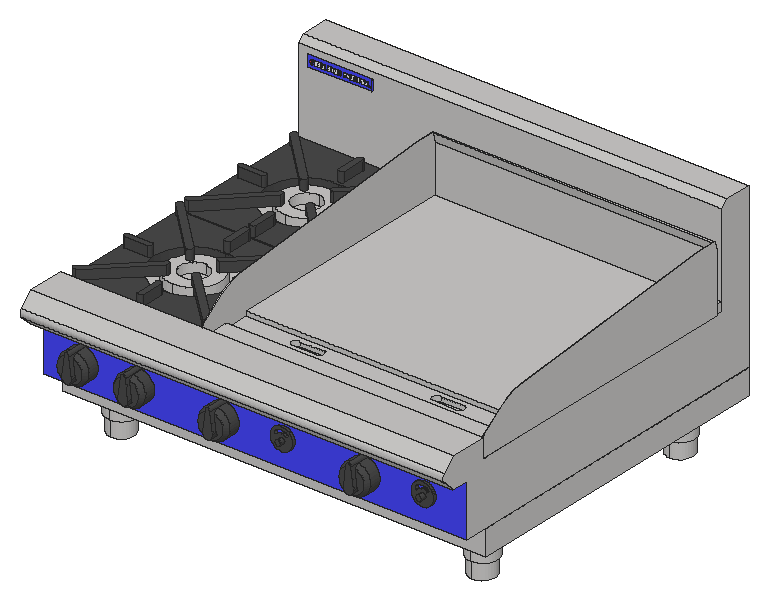
Revit family "QF_MOFFAT_BLUESEAL_CE_G516B-B", category Specialty Equipment, Revit 2012 (continued)
Definition of nested family "GAS BURNER300 & GRIDDLE 600"
  Lines and regions (mm)
    symbolic lines
      curve 63: spline (58.102, -476.4, 0) -> (59.396, -476.182, 0) -> (60.602, -475.543, 0) -> (61.638, -474.525, 0) -> (62.432, -473.2, 0) -> (62.932, -471.656, 0) -> (63.102, -470, 0) -> (62.932, -468.344, 0) -> (62.432, -466.8, 0) -> (61.638, -465.475, 0) -> (60.602, -464.457, 0) -> (59.396, -463.818, 0) -> (58.102, -463.6, 0)
      curve 64: line (114.025, -496.924, 0) -> (6.102, -603.347, 0)
      curve 65: spline (6.102, -603.347, 0) -> (5.341, -604.416, 0) -> (4.941, -605.721, 0) -> (4.928, -607.172, 0) -> (5.303, -608.671, 0) -> (6.041, -610.116, 0) -> (7.092, -611.408, 0) -> (8.384, -612.459, 0) -> (9.829, -613.197, 0) -> (11.328, -613.572, 0) -> (12.779, -613.559, 0) -> (14.084, -613.159, 0) -> (15.153, -612.398, 0)
      curve 66: line (15.153, -612.398, 0) -> (123.076, -505.975, 0)
      curve 67: spline (123.076, -505.975, 0) -> (123.837, -504.905, 0) -> (124.238, -503.601, 0) -> (124.251, -502.149, 0) -> (123.875, -500.65, 0) -> (123.137, -499.205, 0) -> (122.086, -497.914, 0) -> (120.795, -496.863, 0) -> (119.35, -496.125, 0) -> (117.851, -495.749, 0) -> (116.399, -495.762, 0) -> (115.095, -496.163, 0) -> (114.025, -496.924, 0)
      curve 68: line (156.4, -609.602, 0) -> (156.4, -561.898, 0)
      curve 69: spline (156.4, -561.898, 0) -> (156.182, -560.604, 0) -> (155.543, -559.398, 0) -> (154.525, -558.362, 0) -> (153.2, -557.568, 0) -> (151.656, -557.068, 0) -> (150, -556.898, 0) -> (148.344, -557.068, 0) -> (146.8, -557.568, 0) -> (145.475, -558.362, 0) -> (144.457, -559.398, 0) -> (143.818, -560.604, 0) -> (143.6, -561.898, 0)
      curve 70: line (143.6, -561.898, 0) -> (143.6, -609.602, 0)
      curve 71: spline (143.6, -609.602, 0) -> (143.818, -610.896, 0) -> (144.457, -612.102, 0) -> (145.475, -613.138, 0) -> (146.8, -613.932, 0) -> (148.344, -614.432, 0) -> (150, -614.602, 0) -> (151.656, -614.432, 0) -> (153.2, -613.932, 0) -> (154.525, -613.138, 0) -> (155.543, -612.102, 0) -> (156.182, -610.896, 0) -> (156.4, -609.602, 0)
      curve 72: line (176.924, -505.975, 0) -> (284.847, -612.398, 0)
      curve 73: spline (284.847, -612.398, 0) -> (285.916, -613.159, 0) -> (287.221, -613.559, 0) -> (288.672, -613.572, 0) -> (290.171, -613.197, 0) -> (291.616, -612.459, 0) -> (292.908, -611.408, 0) -> (293.959, -610.116, 0) -> (294.697, -608.671, 0) -> (295.072, -607.172, 0) -> (295.059, -605.721, 0) -> (294.659, -604.416, 0) -> (293.898, -603.347, 0)
      curve 74: line (293.898, -603.347, 0) -> (185.975, -496.924, 0)
      curve 75: spline (185.975, -496.924, 0) -> (184.905, -496.163, 0) -> (183.601, -495.762, 0) -> (182.149, -495.749, 0) -> (180.65, -496.125, 0) -> (179.205, -496.863, 0) -> (177.914, -497.914, 0) -> (176.863, -499.205, 0) -> (176.125, -500.65, 0) -> (175.749, -502.149, 0) -> (175.762, -503.601, 0) -> (176.163, -504.905, 0) -> (176.924, -505.975, 0)
      curve 76: arc (149.991, -384.418, 0) -> (179.687, -389.836, 0) -> (205.556, -405.393, 0) r 84.082
      curve 77: arc (149.991, -552.582, 0) -> (121.173, -547.489, 0) -> (95.845, -532.827, 0) r 84.082
      curve 78: arc (150, -523.5, 0) -> (167.666, -520.693, 0) -> (183.592, -512.55, 0) r 57
      curve 79: arc (150, -409.5, 0) -> (130.014, -413.119, 0) -> (112.566, -423.515, 0) r 57
      curve 80: arc (150, -436.5, 0) -> (180, -466.5, 0) -> (150, -496.5, 0) r 30
      curve 81: arc (150, -496.5, 0) -> (120, -466.5, 0) -> (150, -436.5, 0) r 30
      curve 82: line (291.102, -463.6, 0) -> (241.898, -463.6, 0)
      curve 83: spline (241.898, -463.6, 0) -> (240.604, -463.818, 0) -> (239.398, -464.457, 0) -> (238.362, -465.475, 0) -> (237.568, -466.8, 0) -> (237.068, -468.344, 0) -> (236.898, -470, 0) -> (237.068, -471.656, 0) -> (237.568, -473.2, 0) -> (238.362, -474.525, 0) -> (239.398, -475.543, 0) -> (240.604, -476.182, 0) -> (241.898, -476.4, 0)
      curve 84: line (241.898, -476.4, 0) -> (291.102, -476.4, 0)
      curve 85: arc (96.324, -103.773, 0) -> (121.466, -89.404, 0) -> (149.991, -84.418, 0) r 84.082
      curve 86: arc (212.871, -112.68, 0) -> (234.066, -167.408, 0) -> (214.3, -222.668, 0) r 84.082
      curve 87: arc (194.454, -202.178, 0) -> (207, -166.598, 0) -> (194.576, -130.975, 0) r 57
      curve 88: arc (114.628, -211.197, 0) -> (131.275, -220.336, 0) -> (150, -223.5, 0) r 57
      curve 89: arc (105.424, -130.975, 0) -> (93, -166.598, 0) -> (105.546, -202.178, 0) r 57
      curve 90: arc (187.434, -423.515, 0) -> (169.986, -413.119, 0) -> (150, -409.5, 0) r 57
      curve 91: arc (103.911, -432.962, 0) -> (93.053, -468.956, 0) -> (106.969, -503.881, 0) r 57
      curve 92: arc (109.732, -506.842, 0) -> (110.614, -507.704, 0) -> (111.516, -508.547, 0) r 57
      curve 93: arc (193.031, -503.881, 0) -> (206.947, -468.956, 0) -> (196.089, -432.962, 0) r 57
      curve 94: arc (214.491, -414.56, 0) -> (234.068, -469.429, 0) -> (213.283, -523.853, 0) r 84.082
      curve 95: arc (94.436, -405.385, 0) -> (120.301, -389.834, 0) -> (149.991, -384.418, 0) r 84.082
      curve 96: arc (86.707, -523.862, 0) -> (65.914, -469.429, 0) -> (85.499, -414.55, 0) r 84.082
      curve 97: arc (116.408, -512.55, 0) -> (132.334, -520.693, 0) -> (150, -523.5, 0) r 57
      curve 98: arc (204.147, -532.819, 0) -> (178.816, -547.487, 0) -> (149.991, -552.582, 0) r 84.082
      curve 99: arc (185.525, -121.924, 0) -> (168.817, -112.696, 0) -> (150, -109.5, 0) r 57
      curve 100: arc (205.331, -231.803, 0) -> (179.547, -247.216, 0) -> (149.991, -252.582, 0) r 84.082
      curve 101: arc (85.69, -222.678, 0) -> (65.916, -167.408, 0) -> (87.119, -112.67, 0) r 84.082
      curve 102: line (299, -315.5, 0) -> (299, -3, 0)
      curve 103: arc (299, -3, 0) -> (298.121, -0.879, 0) -> (296, 0, 0) r 3
      curve 104: spline (291.102, -172.9, 0) -> (292.396, -172.682, 0) -> (293.602, -172.043, 0) -> (294.638, -171.025, 0) -> (295.432, -169.7, 0) -> (295.932, -168.156, 0) -> (296.102, -166.5, 0) -> (295.932, -164.844, 0) -> (295.432, -163.3, 0) -> (294.638, -161.975, 0) -> (293.602, -160.957, 0) -> (292.396, -160.318, 0) -> (291.102, -160.1, 0)
      curve 105: spline (291.102, -476.4, 0) -> (292.396, -476.182, 0) -> (293.602, -475.543, 0) -> (294.638, -474.525, 0) -> (295.432, -473.2, 0) -> (295.932, -471.656, 0) -> (296.102, -470, 0) -> (295.932, -468.344, 0) -> (295.432, -466.8, 0) -> (294.638, -465.475, 0) -> (293.602, -464.457, 0) -> (292.396, -463.818, 0) -> (291.102, -463.6, 0)
      curve 106: arc (296, -635, 0) -> (298.121, -634.121, 0) -> (299, -632, 0) r 3
      curve 107: line (299, -632, 0) -> (299, -324.5, 0)
      curve 108: arc (299, -324.5, 0) -> (298.121, -322.379, 0) -> (296, -321.5, 0) r 3
      curve 109: arc (296, -318.5, 0) -> (298.121, -317.621, 0) -> (299, -315.5, 0) r 3
  Dimensions and locks
    equal spacing: plane 3 "LEFT", plane 7 "Center Y", plane 4 "RIGHT"
    "Width": plane 3 "LEFT" to plane 4 "RIGHT"
    equal spacing: plane 5 "FRONT", plane 8 "Center X", plane 1 "BACK"
    "Depth": plane 5 "FRONT" to plane 1 "BACK"
    aligned and locked: level to plane 2
  Automatic sketch dimensions
    curve 8 to curve 9 = 0 mm
    curve 8 to curve 42 = 0 mm  (x2)
    curve 8 to curve 87 = 0 mm  (x2)
    curve 8 to curve 88 = 0 mm
    curve 8 to curve 89 = 0 mm
    curve 8 to curve 99 = 0 mm  (x2)
    curve 9 to curve 89 = 0 mm
    curve 10 to curve 11 = 0 mm  (x2)
    curve 10 to curve 85 = 0 mm
    curve 10 to curve 86 = 0 mm  (x2)
    curve 10 to curve 100 = 0 mm
    curve 10 to curve 101 = 0 mm  (x2)
    curve 76 to curve 77 = 0 mm  (x2)
    curve 76 to curve 94 = 0 mm  (x2)
    curve 76 to curve 95 = 0 mm
    curve 76 to curve 96 = 0 mm  (x2)
    curve 76 to curve 98 = 0 mm
    curve 78 to curve 79 = 0 mm
    curve 78 to curve 80 = 0 mm  (x2)
    curve 78 to curve 90 = 0 mm  (x2)
    curve 78 to curve 91 = 0 mm
    curve 78 to curve 92 = 0 mm
    curve 78 to curve 93 = 0 mm  (x2)
    curve 78 to curve 97 = 0 mm
    curve 79 to curve 91 = 0 mm
    curve 79 to curve 92 = 0 mm
    plane 5 "FRONT" to curve 24 = 0 mm
    plane 1 "BACK" to curve 103 = 0 mm
    plane 3 "LEFT" to curve 18 = 1 mm
    plane 3 "LEFT" to curve 22 = 1 mm
    plane 3 "LEFT" to curve 24 = 4 mm
    curve 19 to curve 19 = 3 mm
    plane 3 "LEFT" to curve 17 = 4 mm
    curve 21 to curve 19 = 0 mm
    plane 3 "LEFT" to curve 57 = 6.102 mm
    plane 3 "LEFT" to curve 32 = 6.102 mm
    plane 3 "LEFT" to curve 41 = 6.102 mm
    plane 3 "LEFT" to curve 64 = 6.102 mm
    plane 3 "LEFT" to curve 37 = 8.898 mm
    plane 3 "LEFT" to curve 60 = 8.898 mm
    curve 57 to curve 57 = 4.525 mm
    curve 33 to curve 33 = 4.525 mm
    curve 64 to curve 65 = 4.525 mm
    curve 38 to curve 41 = 4.525 mm
    plane 8 "Center X" to curve 30 = 3.602 mm
    curve 60 to curve 96 = 27.397 mm
    curve 35 to curve 101 = 27.588 mm
    curve 96 to curve 95 = 8.937 mm
    curve 101 to curve 11 = 8.97 mm
    curve 96 to curve 91 = 18.412 mm
    curve 101 to curve 89 = 18.305 mm
    curve 101 to curve 89 = 19.856 mm
    curve 96 to curve 91 = 20.262 mm
    curve 91 to curve 92 = 2.762 mm
    curve 92 to curve 92 = 1.784 mm
    curve 91 to curve 79 = 8.655 mm
    curve 89 to curve 39 = 8.601 mm
    curve 91 to curve 67 = 7.056 mm
    curve 89 to curve 32 = 8.479 mm
    curve 92 to curve 97 = 4.893 mm
    curve 67 to curve 67 = 4.525 mm
    curve 59 to curve 59 = 4.525 mm
    curve 32 to curve 31 = 4.525 mm
    curve 38 to curve 39 = 4.525 mm
    curve 85 to curve 15 = 47.276 mm
    curve 77 to curve 70 = 47.755 mm
    curve 11 to curve 45 = 48.939 mm
    curve 76 to curve 97 = 0.009 mm
    curve 10 to curve 42 = 0.009 mm
    curve 70 to curve 71 = 6.4 mm
    curve 14 to curve 15 = 6.4 mm
    curve 76 to curve 51 = 0.009 mm
    curve 46 to curve 47 = 6.4 mm
    curve 50 to curve 49 = 6.4 mm
    curve 1 to curve 2 = 4.525 mm
    curve 53 to curve 53 = 4.525 mm
    curve 27 to curve 27 = 4.525 mm
    curve 72 to curve 75 = 4.525 mm
    curve 75 to curve 78 = 6.668 mm
    curve 28 to curve 8 = 8.448 mm
    curve 2 to curve 99 = 8.601 mm  (x2)
    curve 27 to curve 87 = 8.479 mm
    curve 2 to curve 87 = 8.601 mm
    curve 90 to curve 93 = 8.655 mm
    curve 99 to curve 10 = 18.144 mm
    curve 78 to curve 98 = 20.555 mm
    curve 8 to curve 100 = 19.959 mm
    curve 90 to curve 76 = 18.122 mm
    curve 100 to curve 86 = 8.969 mm
    curve 76 to curve 94 = 8.936 mm
    curve 93 to curve 82 = 45.809 mm
    curve 87 to curve 7 = 47.444 mm
    plane 1 "BACK" to curve 4 = 22.602 mm
    curve 52 to plane 8 "Center X" = 8.602 mm
    plane 8 "Center X" to curve 28 = 3.602 mm
    curve 28 to curve 52 = 0 mm
    curve 72 to plane 5 "FRONT" = 22.602 mm
    curve 1 to curve 4 = 4.525 mm
    curve 55 to curve 55 = 4.525 mm
    curve 28 to curve 29 = 4.525 mm
    curve 72 to curve 73 = 4.525 mm
    curve 82 to curve 105 = 49.204 mm
    curve 6 to curve 104 = 49.204 mm
    curve 108 to plane 8 "Center X" = 4 mm
    curve 55 to curve 108 = 6.628 mm
    plane 8 "Center X" to curve 109 = 2 mm
    curve 109 to curve 108 = 0 mm
    curve 72 to curve 25 = 11.153 mm
    curve 4 to curve 16 = 11.153 mm
    curve 108 to curve 107 = 3 mm
    plane 1 "BACK" to curve 103 = 3 mm
    curve 24 to curve 65 = 19.602 mm
    curve 70 to plane 5 "FRONT" = 25.398 mm
    curve 69 to curve 98 = 9.316 mm
    curve 77 to curve 96 = 8.965 mm
    curve 98 to curve 94 = 8.967 mm
    curve 97 to curve 92 = 4.003 mm
    curve 78 to curve 72 = 6.575 mm
    curve 97 to curve 66 = 6.575 mm
    curve 92 to curve 91 = 2.96 mm
    curve 93 to curve 75 = 6.958 mm
    curve 78 to curve 81 = 27 mm
    curve 96 to curve 61 = 47.462 mm
    curve 94 to curve 84 = 47.453 mm
    curve 61 to curve 61 = 6.4 mm
    curve 105 to curve 105 = 6.4 mm
    curve 59 to curve 91 = 10.114 mm
    curve 53 to curve 93 = 10.114 mm
    curve 94 to curve 76 = 9.166 mm
    curve 96 to curve 95 = 9.165 mm
    curve 76 to curve 51 = 6.316 mm
    curve 57 to plane 8 "Center X" = 17.653 mm
    curve 49 to plane 8 "Center X" = 11.398 mm
    curve 19 to plane 8 "Center X" = 1 mm
    plane 8 "Center X" to curve 46 = 6.398 mm
    curve 45 to curve 11 = 9.316 mm
    curve 88 to curve 31 = 8.722 mm
    curve 8 to curve 28 = 8.722 mm
    curve 89 to curve 31 = 8.754 mm
    curve 8 to curve 42 = 27 mm
    curve 101 to curve 34 = 49.778 mm
    curve 86 to curve 7 = 49.768 mm
    curve 6 to curve 6 = 6.4 mm
    curve 34 to curve 35 = 6.4 mm
    curve 38 to curve 89 = 8.601 mm
    curve 40 to curve 9 = 8.601 mm
    curve 86 to curve 10 = 8.899 mm
    curve 101 to curve 85 = 8.898 mm
    curve 10 to curve 15 = 9.816 mm
    plane 1 "BACK" to curve 13 = 25.398 mm
    plane 1 "BACK" to Extrusion 1 sketch curve = 0 mm
    plane 5 "FRONT" to Extrusion 1 sketch curve = 0 mm
    plane 3 "LEFT" to Extrusion 1 sketch curve = 1 mm  (x2)
    plane 1 "BACK" to Extrusion 1 sketch curve = 3 mm  (x2)
    plane 8 "Center X" to Extrusion 1 sketch curve = 149 mm
    plane 8 "Center X" to Extrusion 1 sketch curve = 2 mm  (x2)
    Extrusion 1 sketch curve to plane 8 "Center X" = 1 mm
    Extrusion 1 sketch curve to Extrusion 1 sketch curve = 3 mm  (x3)
    Extrusion 1 sketch curve to plane 8 "Center X" = 151 mm
    Extrusion 1 sketch curve to plane 5 "FRONT" = 3 mm  (x2)
    plane 3 "LEFT" to Extrusion 1 sketch curve = 149.991 mm  (x2)
    Extrusion 1 sketch curve to plane 7 "Center Y" = 154 mm
    Extrusion 1 sketch curve to Extrusion 1 sketch curve = 0 mm
    Extrusion 2 sketch curve to Extrusion 1 = 22.602 mm  (x2)
    Extrusion 2 sketch curve to Extrusion 1 = 25.398 mm  (x2)
    Extrusion 2 sketch curve to Extrusion 2 sketch curve = 4.525 mm  (x16)
    Extrusion 2 sketch curve to Extrusion 2 sketch curve = 49.204 mm  (x5)
    Extrusion 2 sketch curve to Extrusion 2 sketch curve = 55.923 mm  (x5)
    Extrusion 2 sketch curve to Extrusion 2 sketch curve = 0 mm  (x5)
    Extrusion 2 sketch curve to Extrusion 2 sketch curve = 20.524 mm  (x8)
    Extrusion 2 sketch curve to Extrusion 2 sketch curve = 6.4 mm  (x8)
    Extrusion 2 sketch curve to Extrusion 2 sketch curve = 53.847 mm  (x8)
    Extrusion 2 sketch curve to Extrusion 1 = 56.602 mm
    Extrusion 2 sketch curve to Extrusion 1 = 5.102 mm  (x6)
    Extrusion 2 sketch curve to Extrusion 1 = 13.653 mm  (x2)
    Extrusion 2 sketch curve to Extrusion 1 = 7.398 mm  (x2)
    Extrusion 2 sketch curve to Extrusion 1 = 4.602 mm  (x2)
    Extrusion 2 sketch curve to Extrusion 1 = 7.898 mm  (x4)
    Extrusion 2 sketch curve to Extrusion 1 = 31.653 mm  (x2)
    Extrusion 2 sketch curve to Extrusion 1 = 57.102 mm
    Extrusion 2 sketch curve to Extrusion 1 = 14.153 mm
    Extrusion 3 sketch curve to Extrusion 3 sketch curve = 0 mm  (x24)
    plane 1 "BACK" to Extrusion 3 sketch curve = 109.5 mm
    Extrusion 3 sketch curve to Extrusion 3 sketch curve = 27 mm  (x2)
    Extrusion 3 sketch curve to Extrusion 3 sketch curve = 30 mm  (x2)
    Extrusion 3 sketch curve to plane 8 "Center X" = 92 mm
    plane 3 "LEFT" to Extrusion 3 sketch curve = 150 mm  (x2)
    radius of Extrusion 1 sketch curve = 84.082 mm  (x2)
  Nested families
    nested 1: "GAS GRIDDLE PLATE 600" at (300, -15, 0), type "GAS GRIDDLE PLATE 600"
      with Width 600 mm, Type Mark "", Status "", Specification by User "", Revision Code "", Item Number "", Installed By "", Identify Quantity as Lot yes, Furnished By "", Foodservice Equipment Identifier yes, Depth 620 mm
  Definition of nested family "GAS GRIDDLE PLATE 600"
    Parameters (values of type "GAS GRIDDLE PLATE 600")
      Width [instance] = 600 mm
      Weight in Pounds = 0
      URL Cutsheet = ""
      Type Mark [instance] = ""
      Status [instance] = ""
      Specification by User [instance] = ""
      Specification by Manufacturer = ""
      Serial Number = ""
      Seismic Rating = ""
      SMACNA No = ""
      Revision Code [instance] = ""
      Omniclass Number and Title = ""
      NAFEM Spec ID Number = ""
      Masterspec = ""
      Item Number [instance] = ""
      Installed By [instance] = ""
      Identify Quantity as Lot [instance] = yes
      Furnished By [instance] = ""
      Foodservice Equipment Identifier [instance] = yes
      Depth [instance] = 620 mm
      CSI MasterFormat = ""
      CSI Master Format = ""
    Reference planes
      plane 1 "BACK": y = 0
      plane 2: z = 0
      plane 3 "LEFT": x = 0
      plane 4 "RIGHT": x = 600
      plane 5 "FRONT": y = -620
      plane 6 "TOP": z = 142.5
      plane 7 "Center Y": x = 300
      plane 8 "Center X": y = -310
      plane 9: y = -530.997
      plane 10: y = -541.497
      plane 11: y = -503.25
      plane 12: y = -557.737
    Forms (mm)
      Extrusion 1, solid, material "QF_Finishes_Stainless Steel"
        sketch origin (0, 70.003, -874.5) x (0, 1, 0) y (0, 0, 1)
          loop
            line (-70, 875) -> (-70, 997.489) -> (-75.228, 1017) -> (-117.24, 1017) -> (-589.533, 971.523)
            arc (-589.533, 971.523) -> (-614.56, 965.803) -> (-637.306, 953.899) r 100
            line (-637.306, 953.899) -> (-690.003, 917) -> (-690.003, 875) -> (-70, 875)
        from 0 to 1.8
      Extrusion 2, solid, material "QF_Finishes_Stainless Steel"
        sketch origin (600, 70.003, -874.5) x (0, -1, 0) y (0, 0, 1)
          loop
            line (70, 875) -> (690.003, 875) -> (690.003, 917) -> (637.306, 953.899)
            arc (637.306, 953.899) -> (614.56, 965.803) -> (589.533, 971.523) r 100
            line (589.533, 971.523) -> (117.24, 1017) -> (75.228, 1017) -> (70, 997.489) -> (70, 875)
        from 0 to 1.2
      Extrusion 3, solid, material "QF_Finishes_Stainless Steel"
        sketch origin (150, 70.003, -874.5) x (0, 1, 0) y (0, 0, 1)
          loop
            line (-55, 895) -> (-573.253, 895) -> (-573.253, 884.5) -> (-627.74, 884.5) -> (-627.74, 895) -> (-690.003, 895) -> (-690.003, 875) -> (-55, 875) -> (-55, 895)
        from -148.2 to 448.8
      Extrusion 4, void
        sketch origin (150, -541.497, 10) x (0, -1, 0) y (1, 0, 0)
          loop
            arc (-7.497, 25.113) -> (-17.497, 35.113) -> (-27.497, 25.113) r 10
            line (-27.497, 25.113) -> (-27.497, -24.887)
            arc (-27.497, -24.887) -> (-17.497, -34.887) -> (-7.497, -24.887) r 10
            line (-7.497, -24.887) -> (-7.497, 25.113)
          loop
            line (-7.497, 274.887) -> (-7.497, 324.887)
            arc (-7.497, 324.887) -> (-17.497, 334.887) -> (-27.497, 324.887) r 10
            line (-27.497, 324.887) -> (-27.497, 274.887)
            arc (-27.497, 274.887) -> (-17.497, 264.887) -> (-7.497, 274.887) r 10
        from -41.4 to 40.142
      Extrusion 5, solid, material "QF_Finishes_Stainless Steel"
        sketch origin (0, 70.003, -874.5) x (0, 1, 0) y (0, 0, 1)
          loop
            line (-70, 875) -> (-70, 997.489) -> (-75.228, 1017) -> (-76.884, 1017) -> (-71.6, 997.278) -> (-71.6, 875) -> (-70, 875)
        from 0 to 598.8
    Cuts and joins
      Extrusion 4 cuts Extrusion 3
      joined: Extrusion 1, Extrusion 2, Extrusion 3, Extrusion 5
    Lines and regions (mm)
      symbolic lines
        curve 1: line (600, -503.25, 0) -> (0, -503.25, 0)
        curve 2: line (0, -557.737, 0) -> (600, -557.737, 0)
        curve 3: line (0, -1.68, 0) -> (600, -1.68, 0)
        curve 4: line (600, -1.68, 0) -> (600, -620, 0)
        curve 5: line (0, -620, 0) -> (0, -1.68, 0)
        curve 6: line (0, -620, 0) -> (600, -620, 0)
        curve 7: arc (175.113, -534, 0) -> (185.113, -524, 0) -> (175.113, -514, 0) r 10
        curve 8: line (175.113, -514, 0) -> (125.113, -514, 0)
        curve 9: arc (125.113, -514, 0) -> (115.113, -524, 0) -> (125.113, -534, 0) r 10
        curve 10: line (125.113, -534, 0) -> (175.113, -534, 0)
        curve 11: arc (424.887, -534, 0) -> (414.887, -524, 0) -> (424.887, -514, 0) r 10
        curve 12: line (424.887, -514, 0) -> (474.887, -514, 0)
        curve 13: arc (474.887, -514, 0) -> (484.887, -524, 0) -> (474.887, -534, 0) r 10
        curve 14: line (474.887, -534, 0) -> (424.887, -534, 0)
    Dimensions and locks
      equal spacing: plane 3 "LEFT", plane 7 "Center Y", plane 4 "RIGHT"
      "Width": plane 3 "LEFT" to plane 4 "RIGHT"
      equal spacing: plane 5 "FRONT", plane 8 "Center X", plane 1 "BACK"
      "Depth": plane 5 "FRONT" to plane 1 "BACK"
      locked: Extrusion 2 to Extrusion 2 at 1.2
      aligned and locked: level to plane 2
      aligned and locked: Extrusion 2 to plane 4 "RIGHT"
      aligned and locked: curve 1 to plane 11
      aligned and locked: plane 12 to curve 2
      aligned and locked: Extrusion 5 to cut or joined group of Extrusion 1, Extrusion 2, Extrusion 3, Extrusion 4, Extrusion 5
    Automatic sketch dimensions
      Extrusion 1 sketch curve to plane 5 "FRONT" = 0 mm
      Extrusion 1 sketch curve to plane 6 "TOP" = 0 mm
      plane 12 to Extrusion 1 sketch curve = 9.566 mm
      plane 11 to Extrusion 1 sketch curve = 16.28 mm
      Extrusion 1 sketch curve to level = 2.516 mm
      plane 11 to Extrusion 1 sketch curve = 6.695 mm
      plane 1 "BACK" to Extrusion 1 sketch curve = 47.237 mm
      plane 1 "BACK" to Extrusion 1 sketch curve = 5.225 mm
      Extrusion 1 sketch curve to plane 1 "BACK" = 0.003 mm
      level to Extrusion 1 sketch curve = 0.5 mm
      Extrusion 1 sketch curve to Extrusion 1 sketch curve = 42 mm
      Extrusion 1 sketch curve to plane 6 "TOP" = 63.101 mm
      Extrusion 1 sketch curve to plane 6 "TOP" = 19.511 mm
      Extrusion 2 sketch curve to plane 6 "TOP" = 0 mm
      Extrusion 2 sketch curve to plane 5 "FRONT" = 0 mm
      plane 12 to Extrusion 2 sketch curve = 9.566 mm
      plane 11 to Extrusion 2 sketch curve = 16.28 mm
      Extrusion 2 sketch curve to level = 2.516 mm
      plane 11 to Extrusion 2 sketch curve = 6.695 mm
      plane 1 "BACK" to Extrusion 2 sketch curve = 47.237 mm
      plane 1 "BACK" to Extrusion 2 sketch curve = 5.225 mm
      Extrusion 2 sketch curve to plane 1 "BACK" = 0.003 mm
      level to Extrusion 2 sketch curve = 0.5 mm
      Extrusion 2 sketch curve to Extrusion 2 sketch curve = 42 mm
      Extrusion 2 sketch curve to plane 6 "TOP" = 63.101 mm
      Extrusion 2 sketch curve to plane 6 "TOP" = 19.511 mm
      Extrusion 3 sketch curve to plane 5 "FRONT" = 0 mm
      Extrusion 3 sketch curve to plane 12 = 0 mm
      Extrusion 3 sketch curve to plane 11 = 0 mm
      Extrusion 3 sketch curve to plane 1 "BACK" = 15.003 mm
      level to Extrusion 3 sketch curve = 0.5 mm
      level to Extrusion 3 sketch curve = 10 mm
      Extrusion 3 sketch curve to Extrusion 3 sketch curve = 10.5 mm  (x2)
      plane 1 "BACK" to Extrusion 5 sketch curve = 5.225 mm
      Extrusion 5 sketch curve to plane 1 "BACK" = 0.003 mm
      Extrusion 5 sketch curve to plane 6 "TOP" = 19.511 mm
      Extrusion 5 sketch curve to Extrusion 5 sketch curve = 1.6 mm
      Extrusion 5 sketch curve to Extrusion 5 sketch curve = 0.211 mm
      Extrusion 5 sketch curve to plane 6 "TOP" = 0 mm
      Extrusion 5 sketch curve to Extrusion 5 sketch curve = 1.656 mm
      level to Extrusion 5 sketch curve = 0.5 mm
      plane 11 to Extrusion 4 sketch curve = 10.75 mm  (x2)
      Extrusion 4 sketch curve to Extrusion 4 sketch curve = 10 mm  (x2)
      plane 3 "LEFT" to Extrusion 4 sketch curve = 125.113 mm
      Extrusion 4 sketch curve to Extrusion 4 sketch curve = 50 mm  (x2)
      plane 7 "Center Y" to Extrusion 4 sketch curve = 124.887 mm
      curve 6 to plane 3 "LEFT" = 0 mm
      curve 3 to plane 4 "RIGHT" = 0 mm
      plane 5 "FRONT" to curve 6 = 0 mm
      plane 11 to curve 8 = 10.75 mm
      plane 3 "LEFT" to curve 8 = 125.113 mm
      curve 10 to plane 12 = 23.737 mm
      curve 9 to curve 10 = 50 mm
      curve 11 to plane 12 = 23.737 mm
      plane 7 "Center Y" to curve 11 = 124.887 mm
      plane 11 to curve 12 = 10.75 mm
      curve 12 to curve 12 = 50 mm
      plane 1 "BACK" to curve 3 = 1.68 mm
